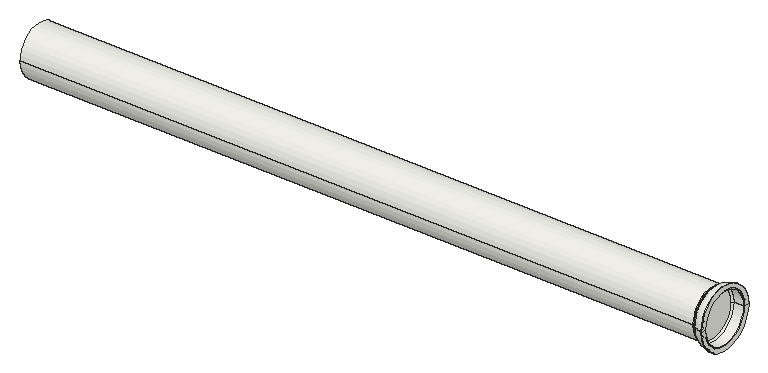
Revit family "FoFo_Tubo_PB", category Pipe Fittings, Revit 2025
Family settings
  Round Connector Dimension = Use Radius
  Part Type = Elbow
  OmniClass Number = 23.60.30.11.14
  OmniClass Title = Pipework Fittings
  Work Plane-Based = Yes
  Always vertical = No
  Cut with Voids When Loaded = No
  Shared = Yes
Parameters (values of type "TUPB_K7_0400")
  Manufacturer = "SGC"
  Loss Method = 1
  K Coefficient Table = "Tee"
  Junta_1_Tipo = FoFo_Junta_JGS : JGS_0400
  Description = "Tubo Ponta e Bolsa K7"
  Default Elevation = 0.0 mm
  DN = "400"
  Corpo_L = 6000.0 mm
  Corpo_RE1 = 0.5 * Corpo_DE  # 214.5 mm
  Corpo_DE = 429.0 mm
Reference planes
  plane 1 "EixoP": y = 0
  plane 2: z = 0
  plane 3 "EixoS": x = 468.25
  plane 4 "EE": x = -2531.75
  plane 5 "ED": x = 3468.25
Forms (mm)
  Sweep 1, solid, material "FOFO"
    path origin (0, 0, 0) x (1, 0, 0) y (0, 1, 0)
      loop
        line (-2531.75, 0) -> (3468.25, 0)
    profile origin (468.25, 0, 0) x (0, 1, 0) y (0, 0, 1)
      loop
        circle (0, 0) r 214.5
Dimensions and locks
  "Corpo_L": plane 4 "EE" to plane 5 "ED"
  equal spacing: plane 4 "EE", plane 3 "EixoS", plane 5 "ED"
  "Corpo_RE1": radius of Sweep 1 sketch curve
  aligned and locked: Sweep 1 sketch curve to plane 1 "EixoP"
  aligned and locked: plane 5 "ED" to Sweep 1 sketch curve
  aligned and locked: plane 4 "EE" to Sweep 1 sketch curve
  aligned and locked: nested 1 to Sweep 1
Automatic sketch dimensions
  Sweep 1 sketch curve to level = 0.0 mm
  Sweep 1 sketch curve to profile plane = 0.0 mm
Nested families
  nested 1: "FoFo_Junta_JGS" at (850, 0, 0), type <- "Junta_1_Tipo", type "JGS_0400"
Connectors
  piping at (3468.25, 0, 0), diameter 429, driven by "Corpo_RE1"
    settings: on Sweep 1, index 1, connector inside diameter 24", connector length 0.0 mm, flow factor 0, pipe flow 0 GPM, pressure drop 0.00 psi, fitting loss kfactor 0, connector angle 0.00°, fixture units 0, engagement length 0.0 mm, angle of deflection 0.00°, flow configuration 0, flow direction 0, fitting loss method 0, system type 7, joint type 0, gender type 0, connector reference index -1, connector utility 0, adjustable connector yes, is connector primary yes, connector description ""
  piping at (-2531.75, 0, 0), diameter 429, driven by "Corpo_RE1"
    settings: on Sweep 1, index 2, connector inside diameter 24", connector length 0.0 mm, flow factor 0, pipe flow 0 GPM, pressure drop 0.00 psi, fitting loss kfactor 0, connector angle 0.00°, fixture units 0, engagement length 0.0 mm, angle of deflection 0.00°, flow configuration 0, flow direction 0, fitting loss method 0, system type 7, joint type 0, gender type 0, connector reference index -1, connector utility 0, adjustable connector yes, is connector primary no, connector description ""
Definition of nested family "FoFo_Junta_JGS"
  Parameters (values of type "JGS_0080")
    Manufacturer = "SGC"
    Loss Method = 1
    K Coefficient Table = "Tee"
    Description = "Bolsas JGS - JTI - JTE"
    Default Elevation = 0.0 mm
    DN = "80"
    Bolsa_RL = 0.5 * Bolsa_DL  # 40.0 mm
    Bolsa_Material = none
    Bolsa_DL = 80.0 mm
    Bolsa_Borde3 = Bolsa_Borde1 * 1.1  # 7.7 mm
    Bolsa_Borde1 = 7.0 mm
    Bolsa_RI = 0.5 * Bolsa_DI  # 50.5 mm
    Bolsa_RE = 0.5 * Bolsa_DE  # 49.0 mm
    Bolsa_RB = 0.5 * Bolsa_DB  # 84.0 mm
    Bolsa_Borde2 = Bolsa_Borde1 * 2  # 14.0 mm
    Bolsa_P = 92.0 mm
    Bolsa_E2 = 0.5 * Bolsa_E  # 3.0 mm
    Bolsa_E = 6.0 mm
    Bolsa_DI = 101.0 mm
    Bolsa_DE = 98.0 mm
    Bolsa_DB = 168.0 mm
  Types (16, lengths in mm): name | DN | Bolsa_RL | Bolsa_DL | Bolsa_RI | Bolsa_RE | Bolsa_RB | Bolsa_P | Bolsa_DI | Bolsa_DE | Bolsa_DB
    JGS_1200 | "1200" | 600.0 | 1200.0 | 629.0 | 627.5 | 706.0 | 167.0 | 1258.0 | 1255.0 | 1412.0
    JGS_1000 | "1000" | 500.0 | 1000.0 | 525.5 | 524.0 | 595.5 | 157.0 | 1051.0 | 1048.0 | 1191.0
    JGS_0900 | "900" | 450.0 | 900.0 | 474.0 | 472.5 | 541.0 | 147.0 | 948.0 | 945.0 | 1082.0
    JGS_0800 | "800" | 400.0 | 800.0 | 422.5 | 421.0 | 487.0 | 147.0 | 845.0 | 842.0 | 974.0
    JGS_0700 | "700" | 350.0 | 700.0 | 370.5 | 369.0 | 431.5 | 147.0 | 741.0 | 738.0 | 863.0
    JGS_0600 | "600" | 300.0 | 600.0 | 319.0 | 317.5 | 369.5 | 122.0 | 638.0 | 635.0 | 739.0
    JGS_0500 | "500" | 250.0 | 500.0 | 267.5 | 266.0 | 315.0 | 117.0 | 535.0 | 532.0 | 630.0
    JGS_0450 | "450" | 225.0 | 450.0 | 241.5 | 240.0 | 287.5 | 115.0 | 483.0 | 480.0 | 575.0
    JGS_0400 | "400" | 200.0 | 400.0 | 216.0 | 214.5 | 258.5 | 112.0 | 432.0 | 429.0 | 517.0
    JGS_0350 | "350" | 175.0 | 350.0 | 190.5 | 189.0 | 232.5 | 110.0 | 381.0 | 378.0 | 465.0
    JGS_0300 | "300" | 150.0 | 300.0 | 164.5 | 163.0 | 205.0 | 107.0 | 329.0 | 326.0 | 410.0
    JGS_0250 | "250" | 125.0 | 250.0 | 138.5 | 137.0 | 176.5 | 105.0 | 277.0 | 274.0 | 353.0
    JGS_0200 | "200" | 100.0 | 200.0 | 112.5 | 111.0 | 148.0 | 106.0 | 225.0 | 222.0 | 296.0
    JGS_0150 | "150" | 75.0 | 150.0 | 86.5 | 85.0 | 121.5 | 100.0 | 173.0 | 170.0 | 243.0
    JGS_0100 | "100" | 50.0 | 100.0 | 60.5 | 59.0 | 94.5 | 94.0 | 121.0 | 118.0 | 189.0
    JGS_0080 | "80" | 40.0 | 80.0 | 50.5 | 49.0 | 84.0 | 92.0 | 101.0 | 98.0 | 168.0
  Reference planes
    plane 1 "EixoP": y = 0
    plane 2: z = 0
    plane 3 "EixoS": x = 2618.25
    plane 4: x = 2710.25
    plane 5: y = 84
    plane 6: y = 50.5
    plane 7: y = 49
    plane 8: y = 40
  Forms (mm)
    Revolve 1, solid, material <- "Bolsa_Material"
      sketch origin (-3000, 0, 0) x (1, 0, 0) y (0, 1, 0)
        loop
          arc (5696.25, 76.3) -> (5660.983, 69.405) -> (5628.857, 53.304) r 132.75
          line (5628.857, 53.304) -> (5618.25, 49) -> (5618.25, 40.5) -> (5623.25, 40.5) -> (5633.25, 50.5) -> (5705.25, 50.5) -> (5710.25, 55.5) -> (5710.25, 84) -> (5703.25, 84) -> (5696.25, 76.3)
        axis (5618.25, 0) -> (5710.25, 0)
      angle from 0 to 360
  Lines and regions (mm)
    model lines, detail levels coarse
      curve 1: line (2618.25, 0, 0) -> (2648.25, 0, 0)
      curve 2: arc (2698.25, 50, 0) -> (2648.25, 0, 0) -> (2698.25, -50, 0) r 50
  Dimensions and locks
    "Bolsa_Borde1": Revolve 1 sketch curve to Revolve 1 sketch curve
    "Bolsa_Borde2": Revolve 1 sketch curve to Revolve 1 sketch curve
    "Bolsa_Borde3": Revolve 1 sketch curve to Revolve 1 sketch curve
    "Bolsa_P": plane 3 "EixoS" to Revolve 1 sketch curve
    "Bolsa_P": plane 4 to plane 3 "EixoS"
    "Bolsa_RB": plane 5 to plane 1 "EixoP"
    "Bolsa_RI": plane 6 to plane 1 "EixoP"
    "Bolsa_RE": plane 7 to plane 1 "EixoP"
    "Bolsa_RL": plane 8 to plane 1 "EixoP"
    aligned and locked: Revolve 1 sketch curve to plane 1 "EixoP"
    aligned and locked: Revolve 1 sketch curve to plane 5
    aligned and locked: plane 6 to Revolve 1 sketch curve
  Automatic sketch dimensions
    curve 1 to plane 1 "EixoP" = 0.0 mm
    curve 1 to plane 3 "EixoS" = 0.0 mm
    plane 1 "EixoP" to curve 2 = 0.0 mm
    plane 3 "EixoS" to curve 2 = 80.0 mm
    plane 3 "EixoS" to curve 1 = 30.0 mm
    Revolve 1 sketch curve to plane 3 "EixoS" = 0.0 mm  (x2)
    Revolve 1 sketch curve to plane 7 = 0.0 mm
    plane 8 to Revolve 1 sketch curve = 0.5 mm
    plane 3 "EixoS" to Revolve 1 sketch curve = 5.0 mm
    plane 6 to Revolve 1 sketch curve = 2.804 mm
    plane 3 "EixoS" to Revolve 1 sketch curve = 10.607 mm
    Revolve 1 sketch curve to Revolve 1 sketch curve = 4.393 mm
    Revolve 1 sketch curve to plane 4 = 6.397 mm
    Revolve 1 sketch curve to plane 4 = 5.0 mm
    plane 6 to Revolve 1 sketch curve = 5.0 mm
    plane 4 to Revolve 1 sketch curve = 9.153 mm
